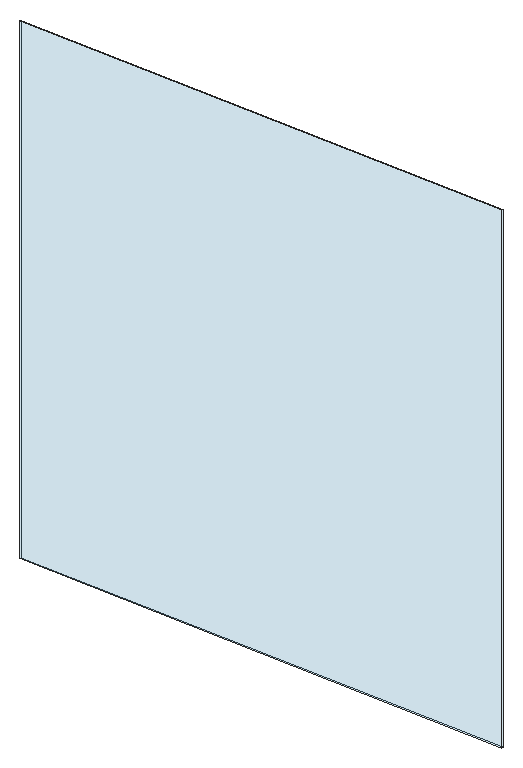
Revit family
Parameters (values of type "72" x 72"")
  Sealant = 0' - 0 3/8"
  Pocket Depth [instance] = 0' - 0 1/2"
  Head Height = Sill Height + Rough Height - Sealant  # 8' - 11 5/8"
  Depth [instance] = 0' - 1 3/4"
  Sill Height = 3' - 0"
  Rough Width = 6' - 0"
  Rough Height = 6' - 0"
  Model = "AF175"
  Material = ""
  Manufacturer = "Arcadia"
  Sightline = 0' - 2 3/8"
  Height = Rough Height - Sealant - Sealant  # 5' - 11 1/4"
  Wall Closure = (empty or 0)
  Width = Rough Width - Sealant - Sealant  # 5' - 11 1/4"
  Glass Thickness [instance] = 0' - 0 1/4"
  Offset to Inside Face of Glass [instance] = 0' - 1 1/16"
  Construction Type = "Aluminum"
  Center of Rough Opening [instance] = Rough Width / 2  # 3' - 0"
  Center of Glass [instance] = Glass Thickness / 2  # 0' - 0 1/8"
  Center Wall to Outside Face [instance] = 0' - 2 7/8"
  CSO [instance] = yes
  Assembly Code = ""
Reference planes (in)
  plane 1 "Center (Front/Back)": y = 0
  plane 2: z = 0
  plane 3 "Center (Left/Right)": x = 12
  plane 4 "Rough Opening Bottom": z = 36
  plane 5 "Rough Opening Top": z = 108
  plane 6 "Exterior Face": y = 3.25
  plane 7 "Frame Top": z = 105.625
  plane 8 "Frame Bottom": z = 38.375
  plane 9 "Rough Opening Left": x = -24
  plane 10 "Rough Opening Right": x = 48
  plane 11 "Frame Left": x = -21.625
  plane 12 "Frame Right": x = 45.625
  plane 13 "Exterior Glass Edge": y = 1.61144
  plane 14 "Interior Glass Edge": y = 1.36144
  plane 15 "Glass Centerline": y = 1.48644
  plane 16 "Frame Outside": y = 2.04894
  plane 17 "Frame Inside": y = 0.29894
  plane 18: z = 106.125
  plane 19: z = 37.875
  plane 20: x = 46.125
  plane 21: x = -22.125
  plane 22: x = 47.625
  plane 23: x = -23.625
  plane 24: z = 36.375
  plane 25: z = 107.625
Forms (in)
  Extrusion 1, solid, material "Anodize Arcadia AC2 Clear #11", detail levels coarse
    sketch origin (0, 0, 36) x (0, -1, 0) y (1, 0, 0)
      loop
        line (-2.04894, -24) -> (-0.29894, -24) -> (-0.29894, -21.625) -> (-1.36144, -21.625) -> (-1.36144, -22.125) -> (-1.61144, -22.125) -> (-1.61144, -21.625) -> (-2.04894, -21.625) -> (-2.04894, -24)
    from 0 to 72 <- "Rough Height"
  Extrusion 2, solid, material "Anodize Arcadia AC2 Clear #11", detail levels coarse
    sketch origin (0, 0, 36) x (0, -1, 0) y (1, 0, 0)
      loop
        line (-2.04894, 45.625) -> (-1.61144, 45.625) -> (-1.61144, 46.125) -> (-1.36144, 46.125) -> (-1.36144, 45.625) -> (-0.29894, 45.625) -> (-0.29894, 48) -> (-2.04894, 48) -> (-2.04894, 45.625)
    from 0 to 72 <- "Rough Height"
  Extrusion 3, solid, material "Glass"
    sketch origin (-0.5, 0, 36) x (0, -1, 0) y (1, 0, 0)
      loop
        line (-1.61144, -21.625) -> (-1.36144, -21.625) -> (-1.36144, 46.625) -> (-1.61144, 46.625) -> (-1.61144, -21.625)
    from 1.875 to 70.125
  Extrusion 4, solid, material "Anodize Arcadia AC2 Clear #11", detail levels coarse
    sketch origin (-24, 0, 0) x (0, 1, 0) y (0, 0, 1)
      loop
        line (0.29894, 108) -> (0.29894, 105.625) -> (1.36144, 105.625) -> (1.36144, 106.125) -> (1.61144, 106.125) -> (1.61144, 105.625) -> (2.04894, 105.625) -> (2.04894, 108) -> (0.29894, 108)
    from 0 to 72 <- "Rough Width"
  Extrusion 5, solid, material "Anodize Arcadia AC2 Clear #11", detail levels coarse
    sketch origin (-24, 0, 0) x (0, 1, 0) y (0, 0, 1)
      loop
        line (2.04894, 38.375) -> (1.61144, 38.375) -> (1.61144, 37.875) -> (1.36144, 37.875) -> (1.36144, 38.375) -> (0.29894, 38.375) -> (0.29894, 36) -> (2.04894, 36) -> (2.04894, 38.375)
    from 0 to 72 <- "Rough Width"
  Extrusion 6, void
    sketch origin (0, 0, 36) x (0, -1, 0) y (1, 0, 0)
      loop
        line (-3.25, -24) -> (4.75, -24) -> (4.75, 48) -> (-3.25, 48) -> (-3.25, -24)
    from 0 to 72 <- "Rough Height"
Lines and regions (in)
  symbolic lines, detail levels coarse
    curve 1: line (-24, 2.04894, 0) -> (-21.625, 2.04894, 0)
    curve 2: line (-21.625, 2.04894, 0) -> (-21.625, 1.61144, 0)
    curve 3: line (46.125, 1.61144, 0) -> (-22.125, 1.61144, 0)
    curve 4: line (-22.125, 1.61144, 0) -> (-22.125, 1.36144, 0)
    curve 5: line (-22.125, 1.36144, 0) -> (46.125, 1.36144, 0)
    curve 6: line (-21.625, 1.36144, 0) -> (-21.625, 0.29894, 0)
    curve 7: line (-21.625, 0.29894, 0) -> (-24, 0.29894, 0)
    curve 8: line (-24, 0.29894, 0) -> (-24, 2.04894, 0)
    curve 9: line (48, 2.04894, 0) -> (45.625, 2.04894, 0)
    curve 10: line (45.625, 2.04894, 0) -> (45.625, 1.61144, 0)
    curve 11: line (46.125, 1.61144, 0) -> (46.125, 1.36144, 0)
    curve 12: line (45.625, 1.36144, 0) -> (45.625, 0.29894, 0)
    curve 13: line (45.625, 0.29894, 0) -> (48, 0.29894, 0)
    curve 14: line (48, 0.29894, 0) -> (48, 2.04894, 0)
Text (in)
  text "EXTERIOR" at (-58.6888, 50.90694, 0), in view "Ref. Level"
  text "INTERIOR" at (-58.6888, -37.76638, 0), in view "Ref. Level"
  text "Exterior" at (0, 43.65631, 123.19604), in view "Left"
  text "Exterior" at (0, 18.29385, 125.04747), in view "Right"
Dimensions and locks (in)
  "Rough Height": plane 4 "Rough Opening Bottom" to plane 5 "Rough Opening Top"
  "Sill Height": plane 2 to plane 4 "Rough Opening Bottom"
  "Sightline": plane 7 "Frame Top" to plane 5 "Rough Opening Top"
  "Sightline": plane 4 "Rough Opening Bottom" to plane 8 "Frame Bottom"
  "Rough Width": plane 9 "Rough Opening Left" to plane 10 "Rough Opening Right"
  "Sightline": plane 9 "Rough Opening Left" to plane 11 "Frame Left"
  "Sightline": plane 12 "Frame Right" to plane 10 "Rough Opening Right"
  "Depth": plane 17 "Frame Inside" to plane 16 "Frame Outside"
  "Glass Thickness": plane 13 "Exterior Glass Edge" to plane 14 "Interior Glass Edge"
  "Center of Glass": plane 15 "Glass Centerline" to plane 14 "Interior Glass Edge"
  "Center of Rough Opening": plane 9 "Rough Opening Left" to plane 3 "Center (Left/Right)"
  "Offset to Inside Face of Glass": plane 17 "Frame Inside" to plane 14 "Interior Glass Edge"
  "Pocket Depth": plane 12 "Frame Right" to plane 20
  "Pocket Depth": plane 21 to plane 11 "Frame Left"
  "Pocket Depth": plane 7 "Frame Top" to plane 18
  "Pocket Depth": plane 19 to plane 8 "Frame Bottom"
  "Sealant": plane 22 to plane 10 "Rough Opening Right"
  "Sealant": plane 9 "Rough Opening Left" to plane 23
  "Sealant": plane 4 "Rough Opening Bottom" to plane 24
  "Sealant": plane 25 to plane 5 "Rough Opening Top"
  aligned and locked: plane 6 "Exterior Face" to host wall
  aligned and locked: Extrusion 1 sketch curve to plane 17 "Frame Inside"
  aligned and locked: plane 16 "Frame Outside" to Extrusion 1 sketch curve
  aligned and locked: Extrusion 1 sketch curve to plane 11 "Frame Left"
  aligned and locked: plane 9 "Rough Opening Left" to Extrusion 1 sketch curve
  aligned and locked: plane 12 "Frame Right" to Extrusion 2 sketch curve
  aligned and locked: Extrusion 2 sketch curve to plane 10 "Rough Opening Right"
  aligned and locked: Extrusion 2 sketch curve to plane 17 "Frame Inside"
  aligned and locked: plane 16 "Frame Outside" to Extrusion 2 sketch curve
  aligned and locked: Extrusion 3 sketch curve to plane 13 "Exterior Glass Edge"
  aligned and locked: plane 14 "Interior Glass Edge" to Extrusion 3 sketch curve
  aligned and locked: plane 5 "Rough Opening Top" to Extrusion 4 sketch curve
  aligned and locked: Extrusion 4 sketch curve to plane 7 "Frame Top"
  aligned and locked: Extrusion 4 sketch curve to plane 17 "Frame Inside"
  aligned and locked: plane 16 "Frame Outside" to Extrusion 4 sketch curve
  aligned and locked: Extrusion 5 sketch curve to plane 4 "Rough Opening Bottom"
  aligned and locked: plane 8 "Frame Bottom" to Extrusion 5 sketch curve
  aligned and locked: Extrusion 5 sketch curve to plane 17 "Frame Inside"
  aligned and locked: plane 16 "Frame Outside" to Extrusion 5 sketch curve
  aligned and locked: plane 4 "Rough Opening Bottom" to nested 3
  aligned and locked: nested 2 to plane 5 "Rough Opening Top"
  aligned and locked: plane 19 to Extrusion 3
  aligned and locked: Extrusion 3 to plane 18
  aligned and locked: plane 17 "Frame Inside" to nested 3
  aligned and locked: plane 17 "Frame Inside" to nested 2
  aligned and locked: nested 1 to plane 16 "Frame Outside"
  aligned and locked: plane 10 "Rough Opening Right" to nested 1
  aligned and locked: nested 4 to plane 9 "Rough Opening Left"
  aligned and locked: plane 17 "Frame Inside" to nested 4
  aligned and locked: plane 13 "Exterior Glass Edge" to Extrusion 5 sketch curve
  aligned and locked: Extrusion 5 sketch curve to plane 14 "Interior Glass Edge"
  aligned and locked: plane 19 to Extrusion 5 sketch curve
  aligned and locked: Extrusion 4 sketch curve to plane 13 "Exterior Glass Edge"
  aligned and locked: plane 18 to Extrusion 4 sketch curve
  aligned and locked: plane 14 "Interior Glass Edge" to Extrusion 4 sketch curve
  aligned and locked: plane 14 "Interior Glass Edge" to Extrusion 2 sketch curve
  aligned and locked: Extrusion 2 sketch curve to plane 20
  aligned and locked: Extrusion 2 sketch curve to plane 13 "Exterior Glass Edge"
  aligned and locked: Extrusion 1 sketch curve to plane 14 "Interior Glass Edge"
  aligned and locked: Extrusion 1 sketch curve to plane 21
  aligned and locked: plane 13 "Exterior Glass Edge" to Extrusion 1 sketch curve
  aligned and locked: plane 16 "Frame Outside" to curve 1
  aligned and locked: plane 9 "Rough Opening Left" to curve 8
  aligned and locked: curve 2 to plane 11 "Frame Left"
  aligned and locked: curve 6 to plane 11 "Frame Left"
  aligned and locked: curve 4 to plane 21
  aligned and locked: curve 7 to plane 17 "Frame Inside"
  aligned and locked: curve 5 to plane 14 "Interior Glass Edge"
  aligned and locked: plane 13 "Exterior Glass Edge" to curve 3
  aligned and locked: curve 10 to plane 12 "Frame Right"
  aligned and locked: curve 12 to plane 12 "Frame Right"
  aligned and locked: curve 11 to plane 20
  aligned and locked: plane 10 "Rough Opening Right" to curve 14
  aligned and locked: curve 9 to plane 16 "Frame Outside"
  aligned and locked: plane 17 "Frame Inside" to curve 13
  aligned and locked: import instance to plane 16 "Frame Outside"
  aligned and locked: plane 9 "Rough Opening Left" to import instance
  aligned and locked: plane 10 "Rough Opening Right" to import instance
  aligned and locked: plane 17 "Frame Inside" to import instance
  aligned and locked: import instance to plane 14 "Interior Glass Edge"
  aligned and locked: import instance to plane 4 "Rough Opening Bottom"
  aligned and locked: import instance to plane 13 "Exterior Glass Edge"
  aligned and locked: plane 5 "Rough Opening Top" to import instance
  aligned and locked: level to plane 2
  aligned and locked: plane 9 "Rough Opening Left" to Extrusion 6 sketch curve
  aligned and locked: plane 6 "Exterior Face" to Extrusion 6 sketch curve
  aligned and locked: host wall to Extrusion 6 sketch curve
  aligned and locked: plane 10 "Rough Opening Right" to Extrusion 6 sketch curve
Automatic sketch dimensions
  Extrusion 3 sketch curve to plane 21 = 0' - 0"
  Extrusion 3 sketch curve to plane 20 = 0' - 0"
  Extrusion 5 sketch curve to plane 8 "Frame Bottom" = 0' - 0"
  Extrusion 4 sketch curve to plane 7 "Frame Top" = 0' - 0"
  Extrusion 2 sketch curve to plane 12 "Frame Right" = 0' - 0"
  Extrusion 1 sketch curve to plane 11 "Frame Left" = 0' - 0"
Nested families (in)
  nested 1: "Window-Arcadia-AF175-Med-Jamb-R" at (46.9375, 1.48644, 0) x (-1, 0, 0) z (0, 0, 1), type "Window-Arcadia-AF175Med-Jamb-R", detail levels medium
    with Sightline 0' - 2 3/8", Pocket Depth 0' - 0 1/2", Offset to Inside Face of Glass 0' - 1 1/16", Glass Width 0' - 0 1/4", Frame Wall Thickness 0' - 0 3/32", Depth 0' - 1 3/4", Center of Glass 0' - 0 1/8"
  nested 2: "Window-Arcadia-AF175Med-Head" at (33.875, 1.48644, 108) x (0, -1, 0) z (1, 0, 0), type "Window-Arcadia-A175-Med-Head", detail levels medium
    with Sightline 0' - 2 3/8", Pocket Depth 0' - 0 1/2", Offset to Inside Face of Glass 0' - 1 1/16", Glass Width 0' - 0 1/4", Frame Wall Thickness 0' - 0 3/32", Depth 0' - 1 3/4", Center of Glass 0' - 0 1/8"
  nested 3: "Window-Arcadia-AF175-Med-Sill" at (33.875, 1.48644, 36) x (0, -1, 0) z (1, 0, 0), type "Window-Arcadia-AF175-Med-Sill", detail levels medium
    with Sightline 0' - 2 3/8", Pocket Depth 0' - 0 1/2", Offset to Inside Face of Glass 0' - 1 1/16", Glass Width 0' - 0 1/4", Frame Wall Thickness 0' - 0 3/32", Depth 0' - 1 3/4", Center of Glass 0' - 0 1/8"
  nested 4: "Window-Arcadia-AF175-Med-Jamb-L" at (-22.9375, 1.48644, 0) x (-1, 0, 0) z (0, 0, 1), type "Window-Arcadia-AF175-Med-Jamb-L", detail levels medium
    with Sightline 0' - 2 3/8", Pocket Depth 0' - 0 1/2", Offset to Inside Face of Glass 0' - 1 1/16", Glass Width 0' - 0 1/4", Frame Wall Thickness 0' - 0 3/32", Depth 0' - 1 3/4", Center of Glass 0' - 0 1/8"
Definition of nested family "Window-Arcadia-AF175-Med-Jamb-R"
  Parameters (values of type "Window-Arcadia-TC670-Med-Jamb-R")
    Depth [instance] = 0' - 6"
    Pocket Depth [instance] = 0' - 0 3/4"
    Offset to Inside Face of Glass [instance] = 0' - 4"
    Glass Width [instance] = 0' - 1"
    Sightline [instance] = 0' - 2 5/8"
    Center of Glass [instance] = Glass Width / 2  # 0' - 0 1/2"
    Frame Wall Thickness [instance] = 0' - 0 3/32"
    Assembly Code = ""
  Reference planes (in)
    plane 1 "Center (Front/Back)": y = 0
    plane 2: z = 0
    plane 3: x = 1.5625
    plane 4 "back": x = -1.0625
    plane 5: y = 4.5
    plane 6: y = -1.5
    plane 7 "Inside Face of Glass": y = 0.5
    plane 8: y = -0.5
    plane 9: x = 0.8125
  Lines and regions (in)
    detail lines, in view "Ref. Level", detail levels medium
      curve 1: line (-1.0625, 4.5, 0) -> (-1.0625, -1.5, 0)
      curve 2: line (-1.0625, -1.5, 0) -> (1.5625, -1.5, 0)
      curve 3: line (1.5625, -1.5, 0) -> (1.5625, -0.5, 0)
      curve 4: line (1.5625, -0.5, 0) -> (0.8125, -0.5, 0)
      curve 5: line (0.8125, -0.5, 0) -> (0.8125, 0.5, 0)
      curve 6: line (0.8125, 0.5, 0) -> (1.5625, 0.5, 0)
      curve 7: line (1.5625, 0.5, 0) -> (1.5625, 4.5, 0)
      curve 8: line (1.5625, 4.5, 0) -> (-1.0625, 4.5, 0)
      curve 9: line (1.46875, 4.40625, 0) -> (-0.96875, 4.40625, 0)
      curve 10: line (-0.96875, 4.40625, 0) -> (-0.96875, -1.40625, 0)
      curve 11: line (-0.96875, -1.40625, 0) -> (1.46875, -1.40625, 0)
      curve 12: line (1.46875, -1.40625, 0) -> (1.46875, -0.59375, 0)
      curve 13: line (1.46875, -0.59375, 0) -> (0.71875, -0.59375, 0)
      curve 14: line (0.71875, -0.59375, 0) -> (0.71875, 0.59375, 0)
      curve 15: line (0.71875, 0.59375, 0) -> (1.46875, 0.59375, 0)
      curve 16: line (1.46875, 0.59375, 0) -> (1.46875, 4.40625, 0)
      curve 17: line (1.5625, 4.5, 0) -> (-1.0625, 4.5, 0)
      curve 18: line (-1.0625, 4.40625, 0) -> (-1.0625, -1.5, 0)
  Dimensions and locks (in)
    "Sightline": plane 4 "back" to plane 3
    "Depth": plane 5 to plane 6
    "Center of Glass": plane 1 "Center (Front/Back)" to plane 7 "Inside Face of Glass"
    "Glass Width": plane 8 to plane 7 "Inside Face of Glass"
    "Pocket Depth": plane 9 to plane 3
    "Offset to Inside Face of Glass": plane 5 to plane 7 "Inside Face of Glass"
    "Frame Wall Thickness": plane 5 to curve 9
    "Frame Wall Thickness": plane 4 "back" to curve 10
    "Frame Wall Thickness": curve 11 to plane 6
    "Frame Wall Thickness": curve 12 to plane 3
    "Frame Wall Thickness": curve 13 to plane 8
    "Frame Wall Thickness": plane 7 "Inside Face of Glass" to curve 15
    "Frame Wall Thickness": curve 14 to plane 9
    "Frame Wall Thickness": curve 16 to plane 3
    aligned and locked: plane 5 to curve 8
    aligned and locked: curve 1 to plane 4 "back"
    aligned and locked: curve 2 to plane 6
    aligned and locked: plane 3 to curve 3
    aligned and locked: curve 4 to plane 8
    aligned and locked: plane 9 to curve 5
    aligned and locked: plane 7 "Inside Face of Glass" to curve 6
    aligned and locked: plane 3 to curve 7
  Automatic sketch dimensions
    curve 18 to curve 9 = 0' - 0"
Definition of nested family "Window-Arcadia-AF175Med-Head"
  Parameters (values of type "Window-Arcadia-A400-Med-Head")
    Depth [instance] = 0' - 6"
    Pocket Depth [instance] = 0' - 0 1/2"
    Offset to Inside Face of Glass [instance] = 0' - 4"
    Glass Width [instance] = 0' - 1"
    Sightline [instance] = 0' - 2 5/8"
    Center of Glass [instance] = Glass Width / 2  # 0' - 0 1/2"
    Frame Wall Thickness [instance] = 0' - 0 3/32"
    Assembly Code = ""
  Reference planes (in)
    plane 1 "Center (Front/Back)": y = 0
    plane 2: z = 0
    plane 3 "Center (Left/Right)": x = 0
    plane 4: x = -0.5
    plane 5 "Inside Face of Glass": x = 0.5
    plane 6: y = -2.625
    plane 7: x = 4.5
    plane 8: x = -1.5
    plane 9: y = -2.125
  Lines and regions (in)
    detail lines, in view "Ref. Level", detail levels medium
      curve 1: line (-1.5, 0, 0) -> (-1.5, -2.625, 0)
      curve 2: line (-1.5, -2.625, 0) -> (-0.5, -2.625, 0)
      curve 3: line (-0.5, -2.625, 0) -> (-0.5, -2.125, 0)
      curve 4: line (-0.5, -2.125, 0) -> (0.5, -2.125, 0)
      curve 5: line (0.5, -2.125, 0) -> (0.5, -2.625, 0)
      curve 6: line (0.5, -2.625, 0) -> (4.5, -2.625, 0)
      curve 7: line (4.5, -2.625, 0) -> (4.5, 0, 0)
      curve 8: line (4.5, 0, 0) -> (-1.5, 0, 0)
      curve 9: line (-1.40625, -0.09375, 0) -> (-1.40625, -2.53125, 0)
      curve 10: line (4.40625, -0.09375, 0) -> (-1.40625, -0.09375, 0)
      curve 11: line (4.40625, -2.53125, 0) -> (4.40625, -0.09375, 0)
      curve 12: line (0.59375, -2.53125, 0) -> (4.40625, -2.53125, 0)
      curve 13: line (-1.40625, -2.53125, 0) -> (-0.59375, -2.53125, 0)
      curve 14: line (-0.59375, -2.53125, 0) -> (-0.59375, -2.03125, 0)
      curve 15: line (-0.59375, -2.03125, 0) -> (0.59375, -2.03125, 0)
      curve 16: line (0.59375, -2.03125, 0) -> (0.59375, -2.53125, 0)
  Dimensions and locks (in)
    "Sightline": plane 6 to plane 1 "Center (Front/Back)"
    "Depth": plane 8 to plane 7
    "Pocket Depth": plane 6 to plane 9
    "Offset to Inside Face of Glass": plane 5 "Inside Face of Glass" to plane 7
    "Glass Width": plane 4 to plane 5 "Inside Face of Glass"
    "Center of Glass": plane 3 "Center (Left/Right)" to plane 5 "Inside Face of Glass"
    "Frame Wall Thickness": plane 8 to curve 9
    "Frame Wall Thickness": curve 10 to plane 1 "Center (Front/Back)"
    "Frame Wall Thickness": curve 11 to plane 7
    "Frame Wall Thickness": plane 6 to curve 12
    "Frame Wall Thickness": plane 6 to curve 13
    "Frame Wall Thickness": plane 9 to curve 15
    "Frame Wall Thickness": plane 5 "Inside Face of Glass" to curve 16
    "Frame Wall Thickness": curve 14 to plane 4
    aligned and locked: curve 8 to plane 1 "Center (Front/Back)"
    aligned and locked: plane 7 to curve 7
    aligned and locked: curve 1 to plane 8
    aligned and locked: plane 9 to curve 4
    aligned and locked: plane 4 to curve 3
    aligned and locked: plane 6 to curve 2
    aligned and locked: plane 6 to curve 6
  Automatic sketch dimensions
    curve 5 to plane 5 "Inside Face of Glass" = 0' - 0"
Definition of nested family "Window-Arcadia-AF175-Med-Sill"
  Parameters (values of type "Window-Arcadia-A400-Med-Sill")
    Depth [instance] = 0' - 6"
    Pocket Depth [instance] = 0' - 0 1/2"
    Offset to Inside Face of Glass [instance] = 0' - 4"
    Glass Width [instance] = 0' - 1"
    Sightline [instance] = 0' - 2 5/8"
    Center of Glass [instance] = Glass Width / 2  # 0' - 0 1/2"
    Frame Wall Thickness [instance] = 0' - 0 3/32"
    Assembly Code = ""
  Reference planes (in)
    plane 1 "Center (Front/Back)": y = 0
    plane 2: z = 0
    plane 3 "Center (Left/Right)": x = 0
    plane 4: x = -0.5
    plane 5 "Inside Face of Glass": x = 0.5
    plane 6: y = 2.625
    plane 7: x = 4.5
    plane 8: x = -1.5
    plane 9: y = 2.125
  Lines and regions (in)
    detail lines, in view "Ref. Level", detail levels medium
      curve 1: line (-1.5, 2.625, 0) -> (-1.5, 0, 0)
      curve 2: line (-1.5, 0, 0) -> (4.5, 0, 0)
      curve 3: line (4.5, 0, 0) -> (4.5, 2.625, 0)
      curve 4: line (4.5, 2.625, 0) -> (0.5, 2.625, 0)
      curve 5: line (0.5, 2.625, 0) -> (0.5, 2.125, 0)
      curve 6: line (0.5, 2.125, 0) -> (-0.5, 2.125, 0)
      curve 7: line (-0.5, 2.125, 0) -> (-0.5, 2.625, 0)
      curve 8: line (-0.5, 2.625, 0) -> (-1.5, 2.625, 0)
      curve 9: line (-0.59375, 2.53125, 0) -> (-1.40625, 2.53125, 0)
      curve 10: line (-1.40625, 2.53125, 0) -> (-1.40625, 0.09375, 0)
      curve 11: line (-1.40625, 0.09375, 0) -> (4.40625, 0.09375, 0)
      curve 12: line (4.40625, 0.09375, 0) -> (4.40625, 2.53125, 0)
      curve 13: line (4.40625, 2.53125, 0) -> (0.59375, 2.53125, 0)
      curve 14: line (0.59375, 2.53125, 0) -> (0.59375, 2.03125, 0)
      curve 15: line (0.59375, 2.03125, 0) -> (-0.59375, 2.03125, 0)
      curve 16: line (-0.59375, 2.03125, 0) -> (-0.59375, 2.53125, 0)
  Dimensions and locks (in)
    "Pocket Depth": plane 9 to plane 6
    "Sightline": plane 1 "Center (Front/Back)" to plane 6
    "Depth": plane 8 to plane 7
    "Offset to Inside Face of Glass": plane 5 "Inside Face of Glass" to plane 7
    "Glass Width": plane 4 to plane 5 "Inside Face of Glass"
    "Center of Glass": plane 3 "Center (Left/Right)" to plane 5 "Inside Face of Glass"
    "Frame Wall Thickness": curve 9 to plane 6
    "Frame Wall Thickness": plane 8 to curve 10
    "Frame Wall Thickness": plane 1 "Center (Front/Back)" to curve 11
    "Frame Wall Thickness": curve 12 to plane 7
    "Frame Wall Thickness": curve 13 to plane 6
    "Frame Wall Thickness": plane 5 "Inside Face of Glass" to curve 14
    "Frame Wall Thickness": curve 15 to plane 9
    "Frame Wall Thickness": curve 16 to plane 4
    aligned and locked: plane 1 "Center (Front/Back)" to curve 2
    aligned and locked: plane 7 to curve 3
    aligned and locked: curve 1 to plane 8
    aligned and locked: curve 8 to plane 6
    aligned and locked: curve 4 to plane 6
    aligned and locked: curve 6 to plane 9
    aligned and locked: curve 5 to plane 5 "Inside Face of Glass"
    aligned and locked: plane 4 to curve 7
  Automatic sketch dimensions
    curve 7 to plane 9 = 0' - 0"
Definition of nested family "Window-Arcadia-AF175-Med-Jamb-L"
  Parameters (values of type "Window-Arcadia-TC670-Med-Jamb-L")
    Depth [instance] = 0' - 6"
    Pocket Depth [instance] = 0' - 0 1/2"
    Offset to Inside Face of Glass [instance] = 0' - 4"
    Glass Width [instance] = 0' - 1"
    Sightline [instance] = 0' - 2 1/8"
    Center of Glass [instance] = Glass Width / 2  # 0' - 0 1/2"
    Frame Wall Thickness [instance] = 0' - 0 3/32"
    Assembly Code = ""
  Reference planes (in)
    plane 1 "Center (Front/Back)": y = 0
    plane 2: z = 0
    plane 3 "BACK": x = 1.0625
    plane 4 "FRONT": x = -1.0625
    plane 5: y = 1.5
    plane 6: y = -4.5
    plane 7 "Inside Face of Glass": y = 0.5
    plane 8: y = -0.5
    plane 9: x = -0.5625
  Lines and regions (in)
    detail lines, in view "Ref. Level", detail levels medium
      curve 1: line (1.0625, 1.5, 0) -> (1.0625, -4.5, 0)
      curve 2: line (1.0625, -4.5, 0) -> (-1.0625, -4.5, 0)
      curve 3: line (-1.0625, -4.5, 0) -> (-1.0625, -0.5, 0)
      curve 4: line (-1.0625, -0.5, 0) -> (-0.5625, -0.5, 0)
      curve 5: line (-0.5625, -0.5, 0) -> (-0.5625, 0.5, 0)
      curve 6: line (-0.5625, 0.5, 0) -> (-1.0625, 0.5, 0)
      curve 7: line (-1.0625, 0.5, 0) -> (-1.0625, 1.5, 0)
      curve 8: line (-1.0625, 1.5, 0) -> (1.0625, 1.5, 0)
      curve 9: line (-0.96875, 1.40625, 0) -> (0.96875, 1.40625, 0)
      curve 10: line (-0.96875, 0.59375, 0) -> (-0.96875, 1.40625, 0)
      curve 11: line (-0.46875, 0.59375, 0) -> (-0.96875, 0.59375, 0)
      curve 12: line (-0.46875, -0.59375, 0) -> (-0.46875, 0.59375, 0)
      curve 13: line (-0.96875, -0.59375, 0) -> (-0.46875, -0.59375, 0)
      curve 14: line (-0.96875, -4.40625, 0) -> (-0.96875, -0.59375, 0)
      curve 15: line (0.96875, -4.40625, 0) -> (-0.96875, -4.40625, 0)
      curve 16: line (0.96875, 1.40625, 0) -> (0.96875, -4.40625, 0)
  Dimensions and locks (in)
    "Depth": plane 5 to plane 6
    "Pocket Depth": plane 4 "FRONT" to plane 9
    "Sightline": plane 4 "FRONT" to plane 3 "BACK"
    "Glass Width": plane 8 to plane 7 "Inside Face of Glass"
    "Center of Glass": plane 1 "Center (Front/Back)" to plane 7 "Inside Face of Glass"
    "Frame Wall Thickness": plane 4 "FRONT" to curve 10
    "Frame Wall Thickness": plane 5 to curve 9
    "Frame Wall Thickness": curve 15 to plane 6
    "Frame Wall Thickness": curve 13 to plane 8
    "Frame Wall Thickness": plane 9 to curve 12
    "Frame Wall Thickness": plane 7 "Inside Face of Glass" to curve 11
    "Frame Wall Thickness": plane 4 "FRONT" to curve 14
    "Offset to Inside Face of Glass": plane 6 to plane 8
    aligned and locked: curve 8 to plane 5
    aligned and locked: curve 1 to plane 3 "BACK"
    aligned and locked: plane 6 to curve 2
    aligned and locked: curve 3 to plane 4 "FRONT"
    aligned and locked: plane 8 to curve 4
    aligned and locked: plane 9 to curve 5
    aligned and locked: curve 6 to plane 7 "Inside Face of Glass"
    aligned and locked: plane 4 "FRONT" to curve 7
  Automatic sketch dimensions
    curve 16 to plane 3 "BACK" = 0' - 0 3/32"
